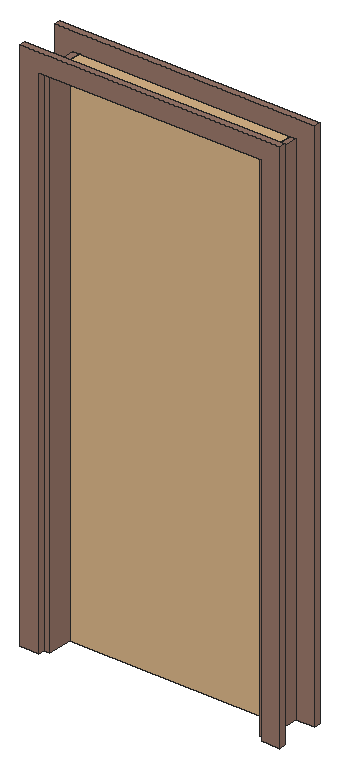
Revit family "Single-Flush with Stopper", category Doors, host Wall, Revit 2022
Family settings
  Host = Wall
  OmniClass Number = 23.30.10.00
  OmniClass Title = Doors
  Always vertical = Yes
  Cut with Voids When Loaded = No
  Shared = No
  Room Calculation Point = No
Parameters (values of type "36" x 84"")
  l = Width - (2 * Trim Projection Side)  # 2' - 10"
  Visual Light Transmittance = 0
  Trim Projection Side = 0' - 1"
  Thickness = 0' - 2"
  Thermal Resistance (R) = 1.5338 (h·ft²·°F)/BTU
  Solar Heat Gain Coefficient = 0
  Define Thermal Properties by = Schematic Type
  Construction Type Id = "MDOOR"
  Heat Transfer Coefficient (U) = 0.651978 BTU/(h·ft²·°F)
  Function = Interior
  Assembly Code = "C1020"
  Door Material = Door - Panel
  Frame Material = Door - Frame
  Height = 7' - 0"
  Trim Projection Ext = 0' - 1"
  Trim Projection Int = 0' - 1"
  Trim Width = 0' - 3"
  Wall Closure = By host
  Width = 3' - 0"
  Analytic Construction = "Metal"
Types (5): name | l | Height | Width
  36" x 84" | 2' - 10" | 7' - 0" | 3' - 0"
  42" x 84" | 3' - 4" | 7' - 0" | 3' - 6"
  30" x 80" | 2' - 4" | 6' - 8" | 2' - 6"
  30" x 84" | 2' - 4" | 7' - 0" | 2' - 6"
  32" x 84" | 2' - 6" | 7' - 0" | 2' - 8"
Reference planes (in)
  plane 1: y = 0
  plane 2: z = 0
  plane 3: x = 0
  plane 4: x = -18
  plane 5: x = 18
  plane 6: z = 84
  plane 7: x = -17
  plane 8: x = 17
Forms (in)
  Extrusion 1, solid, material "Door - Panel" <- "Door Material"
    sketch origin (0, 0, 0) x (1, 0, 0) y (0, 0, 1)
      loop
        line (-17, 84) -> (-17, 0) -> (17, 0) -> (17, 84) -> (-17, 84)
    from -3 to -1
  Extrusion 2, solid, material "Door - Frame" <- "Frame Material"
    sketch origin (-60, -3, 0) x (1, 0, 0) y (0, 0, 1)
      loop
        line (39, 87) -> (39, 0) -> (42, 0) -> (42, 84) -> (78, 84) -> (78, 0) -> (81, 0) -> (81, 87) -> (39, 87)
    from 0 to 1
  Extrusion 3, solid, material "Door - Frame" <- "Frame Material"
    sketch origin (-60, 3, 0) x (-1, 0, 0) y (0, 0, 1)
      loop
        line (-81, 87) -> (-81, 0) -> (-78, 0) -> (-78, 84) -> (-42, 84) -> (-42, 0) -> (-39, 0) -> (-39, 87) -> (-81, 87)
    from 0 to 1
  Extrusion 4, solid, material "Door - Frame" <- "Frame Material"
    sketch origin (0, 0, 0) x (1, 0, 0) y (0, 1, 0)
      loop
        line (-18, 3) -> (-18, -3) -> (-17, -3) -> (-17, 3) -> (-18, 3)
      loop
        line (18, -3) -> (18, 3) -> (17, 3) -> (17, -3) -> (18, -3)
    from 0 to 84
Lines and regions (in)
  Opening 1
    outline origin (-60, -3, 144) x (0, 0, -1) y (1, 0, 0)
      loop
        line (60, 42) -> (144, 42) -> (144, 78) -> (60, 78) -> (60, 42)
  symbolic lines, style "DoorsPanelProjection"
    curve 1: line (17, 3, 0) -> (15, 3, 0)
    curve 2: line (17, 3, 0) -> (17, 37, 0)
    curve 3: line (15, 3, 0) -> (15, 37, 0)
    curve 12: line (17, 37, 0) -> (15, 37, 0)
  model lines, style "DoorsFrameMullionProjection"
    curve 4: line (-21, -3, 0) -> (-21, -3, 87)
    curve 5: line (-21, -3, 87) -> (21, -3, 87)
    curve 6: line (21, -3, 87) -> (21, -3, 0)
    curve 7: line (21, 3, 0) -> (21, 3, 87)
    curve 8: line (-21, 3, 87) -> (21, 3, 87)
    curve 9: line (-21, 3, 87) -> (-21, 3, 0)
  symbolic lines, style "Elevation Swing"
    curve 10: line (-18, 0, 84) -> (18, 0, 42)
    curve 11: line (-18, 0, 0) -> (18, 0, 42)
  symbolic lines, style "Doors"
    curve 13: arc (-17, 3, 0) -> (-7.75887, 26.36125, 0) -> (14.99995, 37, 0) r 34
Dimensions and locks (in)
  equal spacing: plane 4, plane 3, plane 5
  "Width": plane 4 to plane 5
  locked: host wall to curve 1
  control icon elem to plane 5 = 0' - 10.29952"
  "Height": plane 6 to plane 2
  "Trim Width": plane 4 to curve 4
  "Trim Width": plane 5 to curve 6
  "Trim Width": plane 6 to curve 5
  locked: curve 8 to host wall
  "Trim Projection Ext": Extrusion 3 to host wall
  "Trim Projection Int": Extrusion 2 to host wall
  "Thickness": Extrusion 1 to host wall
  equal spacing: plane 6, curve 11, level
  "Trim Projection Side": plane 4 to plane 7
  "Trim Projection Side": plane 8 to plane 5
  "Thickness": curve 3 to curve 2
  "l": curve 12 to Extrusion 1
  aligned and locked: host wall to Extrusion 1
  aligned and locked: plane 2 to curve 4
  aligned and locked: curve 6 to level
  aligned and locked: curve 7 to curve 6
  aligned and locked: curve 5 to Extrusion 2 sketch curve
  aligned and locked: Extrusion 2 sketch curve to curve 4
  aligned and locked: Extrusion 2 sketch curve to curve 6
  aligned and locked: Extrusion 2 to Extrusion 3 sketch curve
  aligned and locked: Extrusion 3 sketch curve to Extrusion 2  (x2)
  aligned and locked: Extrusion 4 to plane 8
  aligned and locked: plane 7 to Extrusion 4
  aligned and locked: plane 8 to curve 2
  aligned and locked: Extrusion 1 to plane 7
  aligned and locked: plane 8 to Extrusion 1
  aligned and locked: Extrusion 4 to plane 6
  aligned and locked: plane 7 to curve 13
  aligned and locked: curve 12 to curve 13
Automatic sketch dimensions
  plane 4 to curve 10 = 0' - 0"
  curve 10 to plane 6 = 0' - 0"
  curve 7 to level = 0' - 0"
  curve 11 to level = 0' - 0"
  curve 9 to level = 0' - 0"
  plane 4 to curve 11 = 0' - 0"
  plane 5 to curve 10 = 0' - 0"
  curve 8 to curve 4 = 0' - 0"
  curve 9 to curve 4 = 0' - 0"
  plane 5 to Opening 1 sketch curve = 0' - 0"
  Opening 1 sketch curve to plane 6 = 0' - 0"
  Opening 1 sketch curve to level = 0' - 0"
  plane 4 to Opening 1 sketch curve = 0' - 0"
  Extrusion 1 sketch curve to level = 0' - 0"
  Extrusion 1 sketch curve to plane 4 = 0' - 1"
  plane 5 to Extrusion 1 sketch curve = 0' - 1"
  Extrusion 1 sketch curve to plane 6 = 0' - 0"
  Extrusion 2 sketch curve to level = 0' - 0"  (x2)
  plane 4 to Extrusion 2 sketch curve = 0' - 0"
  plane 5 to Extrusion 2 sketch curve = 0' - 0"
  Extrusion 2 sketch curve to plane 6 = 0' - 0"
  plane 5 to Extrusion 3 sketch curve = 0' - 0"
  plane 4 to Extrusion 3 sketch curve = 0' - 0"
  Extrusion 3 sketch curve to level = 0' - 0"  (x2)
  Extrusion 3 sketch curve to plane 6 = 0' - 0"
  host wall to Extrusion 4 sketch curve = 0' - 0"  (x2)
  Extrusion 4 sketch curve to plane 4 = 0' - 0"
  Extrusion 4 sketch curve to plane 7 = 0' - 0"
  Extrusion 4 sketch curve to host wall = 0' - 0"  (x2)
  Extrusion 4 sketch curve to plane 8 = 0' - 0"
  Extrusion 4 sketch curve to plane 5 = 0' - 0"
  curve 13 to plane 8 = 0' - 0.00005"
  host wall to curve 13 = 0' - 0.05887"
  curve 13 to host wall = 0' - 0"
